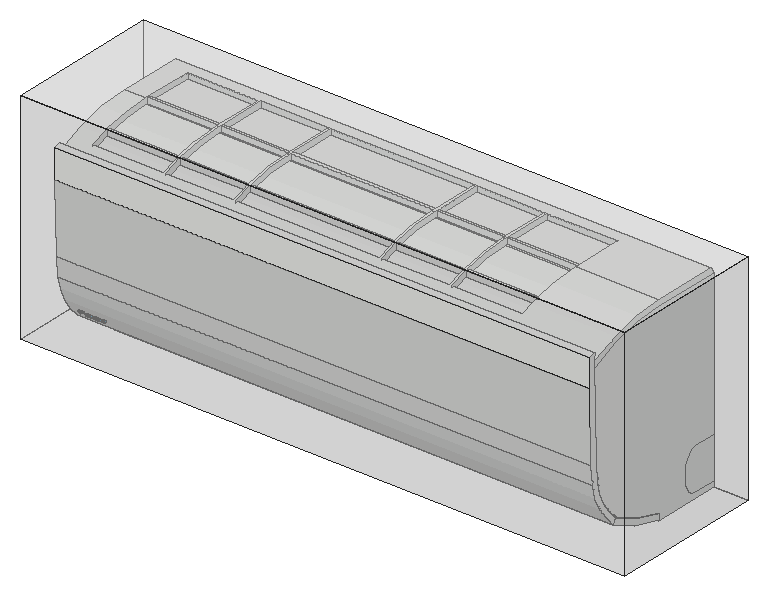
Revit family "outputfile", category 機械設備, Revit 2024
Family settings
  丸型コネクタ寸法 = 半径を使用
  パーツ タイプ = 標準
  OmniClass 番号 = 23.75.10.24.21.27.27
  OmniClass タイトル = Split System Air Conditioning Units
  作業面ベース = いいえ
  常に垂直 = はい
  ロード時にボイドで切り取り = いいえ
  注釈の向きを維持 = いいえ
  共有 = いいえ
  部屋計算ポイント = いいえ
Parameters (values of type "CTXM35RVMV")
  Description = ""
  書き出し IFC クラス(タイプ) = "IfcUnitaryEquipmentType"
  定義済み IFC タイプ(タイプ) = "AIRCONDITIONINGUNIT"
  Cost = 0
  Type Comments = ""
  Keynote = ""
  Type Image = (empty or 0)
  Assembly Code = ""
  w_wall hole = if(Width = 770.0 mm, 48.0 mm, 60.0 mm)  # 48.0 mm
  製造元 = "Daikin"
  モデル = "CTXM35RVMV"
  switch_frequency = yes
  r_Liquid Pipe Size = Liquid Pipe Size / 2  # 3.2 mm
  r_Gas Pipe Size = Gas Pipe Size / 2  # 4.75 mm
  r_Drain Pipe Size = Drain Pipe Size / 2  # 8.0 mm
  lw_powersupply [instance] = if(Width = 770.0 mm, if(or(Rear Right Connection_refrigerant, Bottom Right Connection_refrigerant), 25.0 mm, if(or(Rear Left Connection_refrigerant, Bottom Left Connection_refrigerant), 745.0 mm, 400.0 mm)), if(Width = 990.0 mm, if(or(Rear Right Connection_refrigerant, Bottom Right Connection_refrigerant), 40.0 mm, if(or(Rear Left Connection_refrigerant, Bottom Left Connection_refrigerant), 920.0 mm, 400.0 mm)), if(or(Rear Right Connection_refrigerant, Bottom Right Connection_refrigerant), 40.0 mm, if(or(Rear Left Connection_refrigerant, Bottom Left Connection_refrigerant), 920.0 mm, 400.0 mm))))  # 400.0 mm
  lw_liquidpipe [instance] = if(Width = 770.0 mm, if(or(Rear Right Connection_refrigerant, Bottom Right Connection_refrigerant), 0.0 mm, if(or(Rear Left Connection_refrigerant, Bottom Left Connection_refrigerant), 664.0 mm, 385.0 mm)), if(Width = 990.0 mm, if(or(Rear Right Connection_refrigerant, Bottom Right Connection_refrigerant), 0.0 mm, if(or(Rear Left Connection_refrigerant, Bottom Left Connection_refrigerant), 664.0 mm + (990.0 mm - 770.0 mm), 475.0 mm)), if(or(Rear Right Connection_refrigerant, Bottom Right Connection_refrigerant), 0.0 mm, if(or(Rear Left Connection_refrigerant, Bottom Left Connection_refrigerant), 664.0 mm + (990.0 mm - 770.0 mm), 475.0 mm))))  # 385.0 mm
  lw_gaspipe [instance] = if(Width = 770.0 mm, if(or(Rear Right Connection_refrigerant, Bottom Right Connection_refrigerant), 0.0 mm, if(or(Rear Left Connection_refrigerant, Bottom Left Connection_refrigerant), 675.0 mm, if(Gas Pipe Size = 12.7 mm, 345.0 mm, 335.0 mm))), if(Width = 990.0 mm, if(or(Rear Right Connection_refrigerant, Bottom Right Connection_refrigerant), 10.0 mm, if(or(Rear Left Connection_refrigerant, Bottom Left Connection_refrigerant), 890.0 mm, if(Gas Pipe Size = 15.9 mm, 410.0 mm, 400.0 mm))), if(or(Rear Right Connection_refrigerant, Bottom Right Connection_refrigerant), 10.0 mm, if(or(Rear Left Connection_refrigerant, Bottom Left Connection_refrigerant), 890.0 mm, if(Gas Pipe Size = 15.9 mm, 410.0 mm, 400.0 mm)))))  # 335.0 mm
  lw_drainpipe [instance] = if(Width = 770.0 mm, if(or(Rear Right Connection_refrigerant, Bottom Right Connection_refrigerant), 0.0 mm, if(or(Rear Left Connection_refrigerant, Bottom Left Connection_refrigerant), 770.0 mm - 48.0 mm - 48.0 mm, 440.0 mm)), if(Width = 990.0 mm, if(or(Rear Right Connection_refrigerant, Bottom Right Connection_refrigerant), 0.0 mm, if(or(Rear Left Connection_refrigerant, Bottom Left Connection_refrigerant), 675.0 mm + (990.0 mm - 770.0 mm), 435.0 mm)), if(or(Rear Right Connection_refrigerant, Bottom Right Connection_refrigerant), 0.0 mm, if(or(Rear Left Connection_refrigerant, Bottom Left Connection_refrigerant), 675.0 mm + (990.0 mm - 770.0 mm), 435.0 mm))))  # 440.0 mm
  l_powersupply_length [instance] = if(Width = 770.0 mm, if(Right Connection_refrigerant, 400.0 mm, if(Left Connection_refrigerant, 770.0 mm - 400.0 mm, if(or(Rear Left Connection_refrigerant, Rear Right Connection_refrigerant), 15.0 mm, 50.0 mm))), if(Width = 990.0 mm, if(Right Connection_refrigerant, 400.0 mm, if(Left Connection_refrigerant, 990.0 mm - 400.0 mm, if(or(Rear Left Connection_refrigerant, Rear Right Connection_refrigerant), 15.0 mm, 50.0 mm))), if(Right Connection_refrigerant, 400.0 mm, if(Left Connection_refrigerant, 990.0 mm - 400.0 mm, if(or(Rear Left Connection_refrigerant, Rear Right Connection_refrigerant), 15.0 mm, 50.0 mm)))))  # 400.0 mm
  l_liquidpipe_length [instance] = if(Width = 770.0 mm, if(Right Connection_refrigerant, 433.0 mm, if(Left Connection_refrigerant, 337.0 mm, if(or(Rear Left Connection_refrigerant, Rear Right Connection_refrigerant), 30.0 mm, 40.0 mm))), if(Width = 990.0 mm, if(Right Connection_refrigerant, 535.0 mm, if(Left Connection_refrigerant, 455.0 mm, if(or(Rear Left Connection_refrigerant, Rear Right Connection_refrigerant), 30.0 mm, 40.0 mm))), if(Right Connection_refrigerant, 535.0 mm, if(Left Connection_refrigerant, 455.0 mm, if(or(Rear Left Connection_refrigerant, Rear Right Connection_refrigerant), 30.0 mm, 40.0 mm)))))  # 433.0 mm
  l_gaspipe_length [instance] = if(Width = 770.0 mm, if(Right Connection_refrigerant, if(Gas Pipe Size = 12.7 mm, 393.0 mm, 383.0 mm), if(Left Connection_refrigerant, if(Gas Pipe Size = 12.7 mm, 770.0 mm - 393.0 mm, 770.0 mm - 383.0 mm), if(or(Rear Left Connection_refrigerant, Rear Right Connection_refrigerant), 40.0 mm, 50.0 mm))), if(Width = 990.0 mm, if(Right Connection_refrigerant, if(Gas Pipe Size = 15.9 mm, 470.0 mm, 460.0 mm), if(Left Connection_refrigerant, if(Gas Pipe Size = 15.9 mm, 990.0 mm - 470.0 mm, 990.0 mm - 460.0 mm), if(or(Rear Left Connection_refrigerant, Rear Right Connection_refrigerant), 40.0 mm, 50.0 mm))), if(Right Connection_refrigerant, if(Gas Pipe Size = 15.9 mm, 470.0 mm, 460.0 mm), if(Left Connection_refrigerant, if(Gas Pipe Size = 15.9 mm, 990.0 mm - 470.0 mm, 990.0 mm - 460.0 mm), if(or(Rear Left Connection_refrigerant, Rear Right Connection_refrigerant), 40.0 mm, 50.0 mm)))))  # 383.0 mm
  l_drainpipe_length [instance] = if(Width = 770.0 mm, if(Right Connection_refrigerant, 488.0 mm, if(Left Connection_refrigerant, 282.0 mm, if(or(Rear Left Connection_refrigerant, Rear Right Connection_refrigerant), 15.0 mm, 20.0 mm))), if(Width = 990.0 mm, if(Right Connection_refrigerant, 495.0 mm, if(Left Connection_refrigerant, 495.0 mm, if(or(Rear Left Connection_refrigerant, Rear Right Connection_refrigerant), 15.0 mm, 20.0 mm))), if(Right Connection_refrigerant, 495.0 mm, if(Left Connection_refrigerant, 495.0 mm, if(or(Rear Left Connection_refrigerant, Rear Right Connection_refrigerant), 15.0 mm, 20.0 mm)))))  # 488.0 mm
  h*** = 0.0 mm  # constant formula
  connector_voltage = Voltage_50Hz  # 230 V
  connector_powerinput = if([Power Input (Cooling)] > [Power Input (Heating)], [Power Input (Cooling)], [Power Input (Heating)])  # 0.000 kW
  connector_phase = Phase_50Hz  # 1
  angle_vertical [instance] = if(or(Bottom Left Connection_refrigerant, Bottom Right Connection_refrigerant), 0.00°, 90.00°)  # 90.00°
  angle_horizontal [instance] = if(Right Connection_refrigerant, 90.00°, if(Left Connection_refrigerant, -90.00°, if(or(Rear Left Connection_refrigerant, Rear Right Connection_refrigerant), 180.00°, 0.00°)))  # 90.00°
  Width = 770.0 mm
  Voltage_comment_50Hz = "220 - 240"
  Voltage_50Hz = 230 V
  Version = "ver.1.0"
  Unit Type = "Wall Mounted"
  Unit Mass Weight = 9.00 kg
  Unit Designation [instance] = ""
  Uniclass2015Version = "Products v1.30"
  Uniclass2015Title = "Split coil room air conditioning units"
  Uniclass2015Code = "Pr_70_65_03_86"
  URL = ""
  Total Heating Capacity [instance] = 0.000 kW
  Total Cooling Capacity [instance] = 0.000 kW
  Sound Pressure Level_M speed (dBA) = 34
  Sound Pressure Level_L speed (dBA) = 26
  Sound Pressure Level_H speed (dBA) = 42
  Sound Power Level_H speed (dB) = 0
  Series = "Multi Split_Fan Coil Unit"
  Sensible Cooling Capacity [instance] = 0.000 kW
  Refrigerant Type = "R32"
  Power Input (Heating) = 0.000 kW
  Power Input (Cooling) = 0.000 kW
  Phase_50Hz = 1
  Option Accessory 3 [instance] = ""
  Option Accessory 2 [instance] = ""
  Option Accessory 1 [instance] = ""
  Nominal Heating Capacity = 4.300 kW
  Nominal Cooling Capacity = 3.500 kW
  Minimum Circuit Amps_50Hz = 0.0 A
  Minimum Airflow = 354.00 m³/h
  Median Airflow = 474.00 m³/h
  Maximum Fuse Amps_50Hz = 0.0 A
  Maximum Airflow = 678.00 m³/h
  Material_Casing = DAIKIN_White_Casing_indoorunit
  Load Classification = HVAC
  Liquid Pipe Size = 6.4 mm
  Link_Nested Family [instance] = ""
  IfcVersion = ""
  IfcExportType = "AIRCONDITIONINGUNIT"
  IfcExportAs = "IfcUnitaryEquipmentType"
  Height = 285.0 mm
  Heating Entering Wet Bulb Temperature [instance] = 0.00 °C
  Heating Entering Dry Bulb Temperature [instance] = 0.00 °C
  Heating Ambient Wet Bulb Temperature [instance] = 0.00 °C
  Heating Ambient Dry Bulb Temperature [instance] = 0.00 °C
  Heat Exchanger Type = "Cross Fin Coil"
  Gas Pipe Size = 9.5 mm
  Frequency_50Hz = 50 Hz
  Fan Type = "Cross Flow Fan"
  Fan Drive = "Direct Drive"
  FCU Tag No. [instance] = ""
  Drain Pipe Size = 16.0 mm
  Design Supply Airflow [instance] = 0.00 m³/h
  Depth = 223.0 mm
  既定の高さ = 0.0 mm
  Cooling Entering Wet Bulb Temperature [instance] = 0.00 °C
  Cooling Entering Dry Bulb Temperature [instance] = 0.00 °C
  Cooling Ambient Wet Bulb Temperature [instance] = 0.00 °C
  Cooling Ambient Dry Bulb Temperature [instance] = 0.00 °C
  Clearance visibility [instance] = yes
  Clearance Top = 30.0 mm
  Clearance Right = 50.0 mm
  Clearance Rear = 0.0 mm
  Clearance Left = 50.0 mm
  Clearance Front = 0.0 mm
  Clearance Bottom = 0.0 mm
  Bottom Right Connection_refrigerant [instance] = no
  Bottom Left Connection_refrigerant [instance] = no
  Rear Right Connection_refrigerant [instance] = no
  Rear Left Connection_refrigerant [instance] = no
  Right Connection_refrigerant [instance] = yes
  Left Connection_refrigerant [instance] = no
Reference planes
  plane 1 "Back": y = 0
  plane 2: z = 0
  plane 3 "Center (Left/Right)": x = 0
  plane 4 "Center (Front/Back)": y = -111.5
  plane 5 "Front": y = -223
  plane 6 "Left": x = -385
  plane 7 "Right": x = 385
  plane 8 "Top": z = 0
  plane 9 "Bottom": z = -285
  plane 10: x = -435
  plane 11: x = 435
  plane 12: y = 0
  plane 13: y = -223
  plane 14: z = 30
  plane 15: z = -285
  plane 16 "lw_Piping and Wiring intake": x = 337
  plane 17 "lw_gaspipe": x = 2
  plane 18 "lw_liquidpipe": x = -48
  plane 19 "lw_drainpipe": x = -103
  plane 20 "lh_drainpipe": z = -265
  plane 21 "lh_liquidpipe": z = -245
  plane 22 "lh_gaspipe": z = -235
  plane 23 "ld_drainpipe": y = -15
  plane 24 "ld_liquidpipe": y = -30
  plane 25 "ld_gaspipe": y = -40
  plane 26 "lw_powersupply": x = -15
Dimensions and locks
  equal spacing: plane 6 "Left", plane 3 "Center (Left/Right)", plane 7 "Right"
  "Width": plane 6 "Left" to plane 7 "Right"
  equal spacing: plane 5 "Front", plane 4 "Center (Front/Back)", plane 1 "Back"
  "Depth": plane 5 "Front" to plane 1 "Back"
  "Height": plane 8 "Top" to plane 9 "Bottom"
  "Clearance Rear": plane 12 to plane 1 "Back"
  "Clearance Front": plane 13 to plane 5 "Front"
  "Clearance Top": plane 14 to plane 8 "Top"
  "Clearance Bottom": plane 9 "Bottom" to plane 15
  "w_wall hole": plane 16 "lw_Piping and Wiring intake" to plane 7 "Right"
  "lw_gaspipe": plane 17 "lw_gaspipe" to plane 16 "lw_Piping and Wiring intake"
  "lw_liquidpipe": plane 18 "lw_liquidpipe" to plane 16 "lw_Piping and Wiring intake"
  "lw_drainpipe": plane 19 "lw_drainpipe" to plane 16 "lw_Piping and Wiring intake"
  locked: plane 20 "lh_drainpipe" to plane 9 "Bottom" at 20
  locked: plane 21 "lh_liquidpipe" to plane 9 "Bottom" at 40
  locked: plane 22 "lh_gaspipe" to plane 9 "Bottom" at 50
  locked: plane 23 "ld_drainpipe" to plane 1 "Back" at 15
  locked: plane 1 "Back" to plane 24 "ld_liquidpipe" at 30
  locked: plane 1 "Back" to plane 25 "ld_gaspipe" at 40
  "lw_powersupply": plane 26 "lw_powersupply" to plane 7 "Right"
  "Clearance Left": plane 10 to plane 6 "Left"
  "Clearance Right": plane 7 "Right" to plane 11
  aligned and locked: level to plane 2
  aligned and locked: plane 12 to nested 1
  aligned and locked: nested 1 to plane 13
  aligned and locked: plane 10 to nested 1
  aligned and locked: plane 11 to nested 1
  aligned and locked: plane 15 to nested 1
  aligned and locked: plane 14 to nested 1
  aligned and locked: plane 17 "lw_gaspipe" to nested 2
  aligned and locked: nested 2 to plane 25 "ld_gaspipe"
  aligned and locked: plane 18 "lw_liquidpipe" to nested 3
  aligned and locked: nested 3 to plane 24 "ld_liquidpipe"
  aligned and locked: plane 19 "lw_drainpipe" to nested 4
  aligned and locked: nested 4 to plane 23 "ld_drainpipe"
  aligned and locked: nested 5 to plane 23 "ld_drainpipe"
  aligned and locked: plane 26 "lw_powersupply" to nested 5
  aligned and locked: level to plane 8 "Top"
  aligned and locked: plane 3 "Center (Left/Right)" to nested 6
  aligned and locked: plane 1 "Back" to nested 6
  aligned and locked: plane 8 "Top" to nested 6
Nested families
  nested 1: "daikin_clearancespace" at (0, -111.5, -127.381), show <- "Clearance visibility", visible <- "Clearance visibility", Link_Nested Family <- "Link_Nested Family", type "daikin_clearancespace"
    with width 870.0 mm, show yes, height 315.0 mm, depth 223.0 mm, Link_Nested Family ""
  nested 2: "daikin_connector_rotate3" at (2, -40, -235), angle_vertical <- "angle_vertical", angle_horizontal <- "angle_horizontal", length <- "l_gaspipe_length", radius <- "r_Gas Pipe Size", type "daikin_connector_rotate3"
    with show no, radius 4.75 mm, length 383.0 mm, angle_vertical 90.00°, angle_horizontal 90.00°
  nested 3: "daikin_connector_rotate3" at (-48, -30, -245), angle_vertical <- "angle_vertical", angle_horizontal <- "angle_horizontal", radius <- "r_Liquid Pipe Size", length <- "l_liquidpipe_length", type "daikin_connector_rotate3"
    with show no, radius 3.2 mm, length 433.0 mm, angle_vertical 90.00°, angle_horizontal 90.00°
  nested 4: "daikin_connector_rotate3" at (-103, -15, -265), angle_vertical <- "angle_vertical", angle_horizontal <- "angle_horizontal", length <- "l_drainpipe_length", radius <- "r_Drain Pipe Size", type "daikin_connector_rotate3"
    with show no, radius 8.0 mm, length 488.0 mm, angle_vertical 90.00°, angle_horizontal 90.00°
  nested 5: "daikin_connector_rotate3" at (-15, -15, -235), angle_vertical <- "angle_vertical", angle_horizontal <- "angle_horizontal", length <- "l_powersupply_length", type "daikin_connector_rotate3"
    with show no, radius 10.0 mm, length 400.0 mm, angle_vertical 90.00°, angle_horizontal 90.00°
  nested 6: "DAIKIN_indoorunit_CTXM-RVMV" at (-31, 0, 0), type "CTXM-RVMV"
Connectors
  piping at (385, -40, -235), diameter 9.5, driven by "r_Gas Pipe Size"
    settings: on nested 2, index 1, connector inside diameter 609.6 mm, connector length 0.0 mm, flow factor 0, pipe flow 0.00 m³/h, pressure drop 0.0 Pa, fitting loss kfactor 0, connector angle 0.00°, fixture units 0, engagement length 0.0 mm, angle of deflection 0.00°, flow configuration 1, flow direction 2, fitting loss method 0, system type 29, joint type 0, gender type 0, connector reference index -1, connector utility 0, adjustable connector no, is connector primary yes, connector description "Refrigerant Gas Piping"
  piping at (385, -30, -245), diameter 6.4, driven by "r_Liquid Pipe Size"
    settings: on nested 3, index 2, connector inside diameter 609.6 mm, connector length 0.0 mm, flow factor 0, pipe flow 0.00 m³/h, pressure drop 0.0 Pa, fitting loss kfactor 0, connector angle 0.00°, fixture units 0, engagement length 0.0 mm, angle of deflection 0.00°, flow configuration 1, flow direction 1, fitting loss method 0, system type 29, joint type 0, gender type 0, connector reference index -1, connector utility 0, adjustable connector no, is connector primary no, connector description "Refrigerant Liquid Piping"
  piping at (385, -15, -265), diameter 16, driven by "r_Drain Pipe Size"
    settings: on nested 4, index 3, connector inside diameter 609.6 mm, connector length 0.0 mm, flow factor 0, pipe flow 0.00 m³/h, pressure drop 0.0 Pa, fitting loss kfactor 0, connector angle 0.00°, fixture units 0, engagement length 0.0 mm, angle of deflection 0.00°, flow configuration 1, flow direction 2, fitting loss method 4, system type 16, joint type 0, gender type 0, connector reference index -1, connector utility 0, adjustable connector no, is connector primary no, connector description "Condensate Drain Piping"
  electrical at (385, -15, -235), driven by "Load Classification", driven by "connector_voltage", driven by "connector_powerinput", driven by "connector_phase"
    settings: on nested 5, index 4, voltage 230 V, apparent load 0 VA, apparent load phase1 0 VA, apparent load phase2 0 VA, apparent load phase3 0 VA, power factor 1, load classification "HVAC", number of poles 1, system type 30, power factor state 1, is connector primary yes, connector utility no, sub classification motor no, connector description "Power Supply"
Definition of nested family "daikin_clearancespace"
  Parameters (values of type "daikin_clearancespace")
    Description = "daikin_clearancespace"
    width [instance] = 1823.963 mm
    show [instance] = yes
    material = none
    height [instance] = 1359.762 mm
    depth [instance] = 880.0 mm
    Default Elevation = 0.0 mm
    Link_Nested Family [instance] = ""
  Reference planes
    plane 1 "Center (Front/Back)": y = 0
    plane 2 "Center (Elevation)": z = -0.119
    plane 3 "Center (Left/Right)": x = 0
    plane 4: y = 440
    plane 5: y = -440
    plane 6 "Right": x = 911.982
    plane 7 "Left": x = -911.982
    plane 8 "Top": z = 679.762
    plane 9 "Bottom": z = -680
  Forms (mm)
    Extrusion 1, solid, material <- "material", visible <- "show"
      sketch origin (0, 0, 0) x (1, 0, 0) y (0, 1, 0)
        loop
          line (-911.982, 440) -> (-911.982, -440) -> (911.982, -440) -> (911.982, 440) -> (-911.982, 440)
      from -680 to 679.762
  Lines and regions (mm)
    symbolic lines, visible <- "show"
      curve 1: line (911.982, 440, 0) -> (-911.982, 440, 0)
      curve 2: line (-911.982, 440, 0) -> (-911.982, -440, 0)
      curve 3: line (-911.982, -440, 0) -> (911.982, -440, 0)
      curve 4: line (911.982, -440, 0) -> (911.982, 440, 0)
      curve 5: line (911.982, 0, 679.762) -> (-911.982, 0, 679.762)
      curve 6: line (911.982, 0, -680) -> (911.982, 0, 679.762)
      curve 7: line (-911.982, 0, -680) -> (911.982, 0, -680)
      curve 8: line (-911.982, 0, 679.762) -> (-911.982, 0, -680)
      curve 9: line (0, 440, 679.762) -> (0, -440, 679.762)
      curve 10: line (0, -440, 679.762) -> (0, -440, -680)
      curve 11: line (0, 440, -680) -> (0, 440, 679.762)
      curve 12: line (0, -440, -680) -> (0, 440, -680)
  Dimensions and locks
    "width": plane 7 "Left" to plane 6 "Right"
    "depth": plane 4 to plane 5
    "height": plane 8 "Top" to plane 9 "Bottom"
    equal spacing: plane 7 "Left", plane 3 "Center (Left/Right)", plane 6 "Right"
    equal spacing: plane 4, plane 1 "Center (Front/Back)", plane 5
    equal spacing: plane 8 "Top", plane 2 "Center (Elevation)", plane 9 "Bottom"
    aligned and locked: level to plane 2 "Center (Elevation)"
    aligned and locked: Extrusion 1 sketch curve to plane 4
    aligned and locked: plane 7 "Left" to Extrusion 1 sketch curve
    aligned and locked: Extrusion 1 sketch curve to plane 5
    aligned and locked: Extrusion 1 sketch curve to plane 6 "Right"
    aligned and locked: plane 8 "Top" to Extrusion 1
    aligned and locked: curve 1 to Extrusion 1
    aligned and locked: curve 2 to Extrusion 1
    aligned and locked: curve 3 to Extrusion 1
    aligned and locked: curve 4 to Extrusion 1
    aligned and locked: curve 5 to Extrusion 1
    aligned and locked: curve 6 to Extrusion 1
    aligned and locked: curve 7 to Extrusion 1
    aligned and locked: curve 8 to Extrusion 1
    aligned and locked: curve 9 to Extrusion 1
    aligned and locked: curve 10 to Extrusion 1
    aligned and locked: curve 11 to Extrusion 1
    aligned and locked: curve 12 to Extrusion 1
    aligned and locked: Extrusion 1 to plane 9 "Bottom"
Definition of nested family "DAIKIN_indoorunit_CTXM-RVMV"
  Parameters (values of type "CTKM-RVMV")
    switch_unit1_50-71 = Width = 990.0 mm  # no
    switch_unit1_25-35 = Width = 770.0 mm  # yes
    Width = 770.0 mm
    WALL HOLE-R = if(Width = 770.0 mm, 48.0 mm, 60.0 mm)  # 48.0 mm
    WALL HOLE Size = if(Width = 770.0 mm, 65.0 mm, 80.0 mm)  # 65.0 mm
    Material_Casing = none
    Height = if(Width = 770.0 mm, 285.0 mm, 295.0 mm)  # 285.0 mm
    Default Elevation = 0.0 mm
  Reference planes
    plane 1 "Center (Front/Back)": y = 0
    plane 2 "reference_level": z = 0
    plane 3 "Center (Left/Right)": x = 31
    plane 4: x = -354
    plane 5: x = 416
    plane 6: z = -285
  Forms (mm)
    Extrusion 1, solid, material <- "Material_Casing", visible <- "switch_unit1_25-35"
      sketch origin (29, 0, 0) x (0, 1, 0) y (0, 0, 1)
        loop
          line (-5, 0) -> (-98, 0)
          arc (-98, 0) -> (-157.611, -7.211) -> (-213.783, -28.427) r 250
          arc (-213.783, -28.427) -> (-213.842, -32.972) -> (-213.892, -37.516) r 2191
          arc (-213.892, -37.516) -> (-157.832, -15.495) -> (-98.07, -8) r 242
          line (-98.07, -8) -> (0, -8) -> (-5, 0)
      from -383 to 387
    Extrusion 2, solid, material <- "Material_Casing", visible <- "switch_unit1_25-35"
      sketch origin (416, 1296.25, 1200) x (0, 1, 0) y (0, 0, 1)
        loop
          line (-1472.998, -1446.91) -> (-1476.998, -1453.839)
          arc (-1476.998, -1453.839) -> (-1437.481, -1472.422) -> (-1395.25, -1483.538) r 240
          line (-1395.25, -1483.538) -> (-1395.25, -1475.422)
          arc (-1395.25, -1475.422) -> (-1435.407, -1464.663) -> (-1472.998, -1446.91) r 232
      from 0 to -47.5
    Extrusion 3, solid, material <- "Material_Casing", visible <- "switch_unit1_25-35"
      sketch origin (29, 0, 0) x (0, 1, 0) y (0, 0, 1)
        loop
          arc (-223, -60.455) -> (-222.414, -110.646) -> (-220.656, -160.81) r 2149.92
          arc (-220.656, -160.81) -> (-219.65, -174.299) -> (-217.853, -187.706) r 229.911
          arc (-217.853, -187.706) -> (-205.371, -223.594) -> (-181.517, -253.17) r 111
          line (-181.517, -253.17) -> (-177.429, -246.093)
          arc (-177.429, -246.093) -> (-198.77, -218.989) -> (-209.965, -186.36) r 103
          arc (-209.965, -186.36) -> (-211.681, -173.586) -> (-212.651, -160.735) r 221.844
          arc (-212.651, -160.735) -> (-214.739, -93.233) -> (-214.74, -25.699) r 2186.828
          arc (-214.74, -25.699) -> (-214.671, -21.467) -> (-214.594, -17.235) r 2192
          line (-214.594, -17.235) -> (-223, -19.961) -> (-223, -60.455)
      from -383 to 387
    Extrusion 4, solid, material <- "Material_Casing", visible <- "switch_unit1_25-35"
      sketch origin (29, 0, -20) x (0, 1, 0) y (0, 0, 1)
        loop
          line (0, -265) -> (0, 12) -> (-98.07, 12)
          arc (-98.07, 12) -> (-157.832, 4.505) -> (-213.892, -17.516) r 242
          arc (-213.892, -17.516) -> (-213.638, -79.114) -> (-211.653, -140.681) r 2191
          arc (-211.653, -140.681) -> (-210.685, -153.501) -> (-208.973, -166.243) r 221
          arc (-208.973, -166.243) -> (-197.471, -199.282) -> (-175.482, -226.491) r 102
          arc (-175.482, -226.491) -> (-138.004, -244.019) -> (-98, -254.579) r 231
          line (-98, -254.579) -> (-98, -265) -> (0, -265)
      from -383 to 387
    Extrusion 5, solid, material <- "Material_Casing", visible <- "switch_unit1_25-35"
      sketch origin (-354, 1296.25, 1200) x (0, 1, 0) y (0, 0, 1)
        loop
          line (-1472.998, -1446.91) -> (-1476.998, -1453.839)
          arc (-1476.998, -1453.839) -> (-1437.481, -1472.422) -> (-1395.25, -1483.538) r 240
          line (-1395.25, -1483.538) -> (-1395.25, -1475.422)
          arc (-1395.25, -1475.422) -> (-1435.407, -1464.663) -> (-1472.998, -1446.91) r 232
      from 47 to 0
    Extrusion 6, solid, material <- "Material_Casing", visible <- "switch_unit1_25-35"
      sketch origin (416, 1296.25, 1200) x (0, 1, 0) y (0, 0, 1)
        loop
          line (-1472.998, -1446.91) -> (-1476.998, -1453.839)
          arc (-1476.998, -1453.839) -> (-1443.437, -1470.168) -> (-1407.75, -1481.097) r 240
          line (-1407.75, -1481.097) -> (-1407.75, -1472.894)
          arc (-1407.75, -1472.894) -> (-1441.363, -1462.385) -> (-1472.998, -1446.91) r 232
      from -116.993 to -48.493
    Extrusion 7, solid, material <- "Material_Casing", visible <- "switch_unit1_25-35"
      sketch origin (416, 1296.25, 1200) x (0, 1, 0) y (0, 0, 1)
        loop
          line (-1472.998, -1446.91) -> (-1476.998, -1453.839)
          arc (-1476.998, -1453.839) -> (-1443.437, -1470.168) -> (-1407.75, -1481.097) r 240
          line (-1407.75, -1481.097) -> (-1407.75, -1472.894)
          arc (-1407.75, -1472.894) -> (-1441.363, -1462.385) -> (-1472.998, -1446.91) r 232
      from -717 to -121.993
    Extrusion 8, void
      sketch origin (31, 0, -235) x (1, 0, 0) y (0, 1, 0)
        loop
          line (-252.674, -22.316) -> (-354.941, -22.316) -> (-354.941, -91.341) -> (-252.674, -91.341) -> (-252.674, -22.316)
        loop
          line (-249.341, -91.341) -> (-151.574, -91.341) -> (-151.574, -22.316) -> (-249.341, -22.316) -> (-249.341, -91.341)
        loop
          line (58.309, -22.316) -> (-148.309, -22.316) -> (-148.309, -91.341) -> (58.309, -91.341) -> (58.309, -22.316)
        loop
          line (61.689, -22.316) -> (61.689, -91.341) -> (159.457, -91.341) -> (159.457, -22.316) -> (61.689, -22.316)
        loop
          line (162.789, -22.316) -> (162.789, -91.341) -> (265.057, -91.341) -> (265.057, -22.316) -> (162.789, -22.316)
        loop
          line (-354.941, -94.659) -> (-354.941, -165.259) -> (-252.674, -165.259) -> (-252.674, -94.659) -> (-354.941, -94.659)
        loop
          line (-249.341, -94.659) -> (-249.341, -165.259) -> (-151.574, -165.259) -> (-151.574, -94.659) -> (-249.341, -94.659)
        loop
          line (-148.309, -94.659) -> (-148.309, -165.259) -> (58.309, -165.259) -> (58.309, -94.659) -> (-148.309, -94.659)
        loop
          line (61.689, -94.659) -> (61.689, -165.259) -> (159.457, -165.259) -> (159.457, -94.659) -> (61.689, -94.659)
        loop
          line (162.789, -94.659) -> (162.789, -165.259) -> (265.057, -165.259) -> (265.057, -94.659) -> (162.789, -94.659)
        loop
          line (-354.941, -167.382) -> (-354.941, -192.681) -> (-252.674, -192.681) -> (-252.674, -167.382) -> (-354.941, -167.382)
        loop
          line (-249.341, -167.382) -> (-249.341, -192.681) -> (-151.574, -192.681) -> (-151.574, -167.382) -> (-249.341, -167.382)
        loop
          line (-148.309, -167.382) -> (-148.309, -192.681) -> (58.309, -192.681) -> (58.309, -167.382) -> (-148.309, -167.382)
        loop
          line (159.457, -167.382) -> (61.689, -167.382) -> (61.689, -192.681) -> (159.457, -192.681) -> (159.457, -167.382)
        loop
          line (265.057, -167.382) -> (162.789, -167.382) -> (162.789, -192.681) -> (265.057, -192.681) -> (265.057, -167.382)
      from 201.638 to 250
    Extrusion 9, solid, material <- "Material_Casing"
      sketch origin (31, 0, 0) x (1, 0, 0) y (0, 0, 1)
        loop
          circle (337, -240.5) r 32.5
        loop
          circle (-337, -240.5) r 32.5
      from 0 to 5
    Extrusion 10, solid, material <- "Material_Casing", visible <- "switch_unit1_25-35"
      sketch origin (416, 1296.25, 1200) x (0, -1, 0) y (0, 0, 1)
        loop
          line (1326.25, -1417) -> (1296.25, -1417) -> (1296.25, -1477) -> (1326.25, -1477)
          arc (1326.25, -1477) -> (1340.393, -1471.142) -> (1346.25, -1457) r 20
          line (1346.25, -1457) -> (1346.25, -1437)
          arc (1346.25, -1437) -> (1340.393, -1422.858) -> (1326.25, -1417) r 20
      from 0 to 5
    Extrusion 11, solid, material <- "Material_Casing", visible <- "switch_unit1_25-35"
      sketch origin (-354, 1296.25, 1200) x (0, 1, 0) y (0, 0, 1)
        loop
          line (-1296.25, -1417) -> (-1326.25, -1417)
          arc (-1326.25, -1417) -> (-1340.393, -1422.858) -> (-1346.25, -1437) r 20
          line (-1346.25, -1437) -> (-1346.25, -1457)
          arc (-1346.25, -1457) -> (-1340.393, -1471.142) -> (-1326.25, -1477) r 20
          line (-1326.25, -1477) -> (-1296.25, -1477) -> (-1296.25, -1417)
      from 0 to 5
    Extrusion 12, solid, material <- "Material_Casing", visible <- "switch_unit1_25-35"
      sketch origin (31, 0, -285) x (-1, 0, 0) y (0, -1, 0)
        loop
          line (-314, 0) -> (-314, 30)
          arc (-314, 30) -> (-319.858, 44.142) -> (-334, 50) r 20
          line (-334, 50) -> (-354, 50)
          arc (-354, 50) -> (-368.142, 44.142) -> (-374, 30) r 20
          line (-374, 30) -> (-374, 0) -> (-314, 0)
        loop
          line (374, 0) -> (374, 30)
          arc (374, 30) -> (368.142, 44.142) -> (354, 50) r 20
          line (354, 50) -> (334, 50)
          arc (334, 50) -> (319.858, 44.142) -> (314, 30) r 20
          line (314, 30) -> (314, 0) -> (374, 0)
      from 0 to 5
    Extrusion 13, solid, material <- "Material_Casing", visible <- "switch_unit1_50-71"
      sketch origin (31, 0, 0) x (0, 1, 0) y (0, 0, 1)
        loop
          line (-5, 0) -> (-138, 0)
          arc (-138, 0) -> (-197.611, -7.211) -> (-253.783, -28.427) r 250
          arc (-253.783, -28.427) -> (-253.838, -32.687) -> (-253.886, -36.946) r 2191
          arc (-253.886, -36.946) -> (-197.73, -15.346) -> (-138.014, -8) r 246.393
          line (-138.014, -8) -> (0, -8) -> (-5, 0)
      from -495 to 495
    Extrusion 14, solid, material <- "Material_Casing", visible <- "switch_unit1_50-71"
      sketch origin (418, 1296.25, 1200) x (0, 1, 0) y (0, 0, 1)
        loop
          arc (-1515.208, -1454.149) -> (-1506.856, -1460.599) -> (-1497.925, -1466.219) r 110
          arc (-1497.925, -1466.219) -> (-1445.718, -1487.493) -> (-1389.844, -1494.995) r 223
          line (-1389.844, -1494.995) -> (-1389.844, -1486.086) -> (-1404.386, -1486.086)
          arc (-1404.386, -1486.086) -> (-1449.542, -1477.46) -> (-1491.818, -1459.402) r 214.289
          arc (-1491.818, -1459.402) -> (-1501.056, -1453.541) -> (-1509.606, -1446.715) r 101
          line (-1509.606, -1446.715) -> (-1515.208, -1454.149)
      from 108 to 57.5
    Extrusion 15, solid, material <- "Material_Casing", visible <- "switch_unit1_50-71"
      sketch origin (31, 0, 0) x (0, 1, 0) y (0, 0, 1)
        loop
          line (-263, -19.962) -> (-263, -61.6)
          arc (-263, -61.6) -> (-262.414, -110.219) -> (-260.656, -158.81) r 2017.341
          arc (-260.656, -158.81) -> (-255.648, -191.935) -> (-244.041, -223.362) r 164.725
          arc (-244.041, -223.362) -> (-233.569, -239.793) -> (-219.717, -253.495) r 87.379
          line (-219.717, -253.495) -> (-214.706, -246.846)
          arc (-214.706, -246.846) -> (-229.564, -230.029) -> (-240.385, -210.371) r 102
          arc (-240.385, -210.371) -> (-249.049, -182.962) -> (-252.848, -154.467) r 165.789
          arc (-252.848, -154.467) -> (-254.771, -90.102) -> (-254.74, -25.708) r 2122.533
          arc (-254.74, -25.708) -> (-254.671, -21.469) -> (-254.594, -17.23) r 2192
          line (-254.594, -17.23) -> (-263, -19.962)
      from -495 to 495
    Extrusion 16, void
      sketch origin (33, 0, 0) x (1, 0, 0) y (0, 1, 0)
        loop
          line (-466.909, -22.316) -> (-466.909, -111.341) -> (-366.303, -111.341) -> (-366.303, -22.316) -> (-466.909, -22.316)
        loop
          line (-362.71, -22.316) -> (-362.71, -111.341) -> (-262.103, -111.341) -> (-262.103, -22.316) -> (-362.71, -22.316)
        loop
          line (-258.51, -22.316) -> (-258.51, -111.341) -> (-157.904, -111.341) -> (-157.904, -22.316) -> (-258.51, -22.316)
        loop
          line (-154.31, -22.316) -> (-154.31, -111.341) -> (-53.704, -111.341) -> (-53.704, -22.316) -> (-154.31, -22.316)
        loop
          line (-50.11, -22.316) -> (-50.11, -111.341) -> (50.496, -111.341) -> (50.496, -22.316) -> (-50.11, -22.316)
        loop
          line (54.089, -22.316) -> (54.089, -111.341) -> (154.696, -111.341) -> (154.696, -22.316) -> (54.089, -22.316)
        loop
          line (158.289, -22.316) -> (158.289, -111.341) -> (258.895, -111.341) -> (258.895, -22.316) -> (158.289, -22.316)
        loop
          line (262.489, -22.316) -> (262.489, -111.341) -> (363.095, -111.341) -> (363.095, -22.316) -> (262.489, -22.316)
        loop
          line (-466.909, -114.459) -> (-466.909, -185.059) -> (-366.303, -185.059) -> (-366.303, -114.459) -> (-466.909, -114.459)
        loop
          line (-362.71, -114.459) -> (-362.71, -185.059) -> (-262.103, -185.059) -> (-262.103, -114.459) -> (-362.71, -114.459)
        loop
          line (-258.51, -114.459) -> (-258.51, -185.059) -> (-157.904, -185.059) -> (-157.904, -114.459) -> (-258.51, -114.459)
        loop
          line (-154.31, -114.459) -> (-154.31, -185.059) -> (-53.704, -185.059) -> (-53.704, -114.459) -> (-154.31, -114.459)
        loop
          line (-50.11, -114.459) -> (-50.11, -185.059) -> (50.496, -185.059) -> (50.496, -114.459) -> (-50.11, -114.459)
        loop
          line (54.089, -114.459) -> (54.089, -185.059) -> (154.696, -185.059) -> (154.696, -114.459) -> (54.089, -114.459)
        loop
          line (158.289, -114.459) -> (158.289, -185.059) -> (258.895, -185.059) -> (258.895, -114.459) -> (158.289, -114.459)
        loop
          line (262.489, -114.459) -> (262.489, -185.059) -> (363.095, -185.059) -> (363.095, -114.459) -> (262.489, -114.459)
        loop
          line (-466.909, -187.382) -> (-466.909, -232.681) -> (-366.303, -232.681) -> (-366.303, -187.382) -> (-466.909, -187.382)
        loop
          line (-362.71, -187.382) -> (-362.71, -232.681) -> (-262.103, -232.681) -> (-262.103, -187.382) -> (-362.71, -187.382)
        loop
          line (-258.51, -187.382) -> (-258.51, -232.681) -> (-157.904, -232.681) -> (-157.904, -187.382) -> (-258.51, -187.382)
        loop
          line (-154.31, -187.382) -> (-154.31, -232.681) -> (-53.704, -232.681) -> (-53.704, -187.382) -> (-154.31, -187.382)
        loop
          line (-50.11, -187.382) -> (-50.11, -232.681) -> (50.496, -232.681) -> (50.496, -187.382) -> (-50.11, -187.382)
        loop
          line (54.089, -187.382) -> (54.089, -232.681) -> (154.696, -232.681) -> (154.696, -187.382) -> (54.089, -187.382)
        loop
          line (158.289, -187.382) -> (158.289, -232.681) -> (258.895, -232.681) -> (258.895, -187.382) -> (158.289, -187.382)
        loop
          line (262.489, -187.382) -> (262.489, -232.681) -> (363.095, -232.681) -> (363.095, -187.382) -> (262.489, -187.382)
      from -40.013 to 47.268
    Extrusion 17, solid, material <- "Material_Casing", visible <- "switch_unit1_50-71"
      sketch origin (-356, 1296.25, 1200) x (0, 1, 0) y (0, 0, -1)
        loop
          line (-1515.208, 1454.149) -> (-1509.606, 1446.715)
          arc (-1509.606, 1446.715) -> (-1501.056, 1453.541) -> (-1491.818, 1459.402) r 101
          arc (-1491.818, 1459.402) -> (-1449.542, 1477.46) -> (-1404.386, 1486.086) r 214.289
          line (-1404.386, 1486.086) -> (-1389.844, 1486.086) -> (-1389.844, 1494.995)
          arc (-1389.844, 1494.995) -> (-1445.718, 1487.493) -> (-1497.925, 1466.219) r 223
          arc (-1497.925, 1466.219) -> (-1506.856, 1460.599) -> (-1515.208, 1454.149) r 110
      from 108 to 61
    Extrusion 18, solid, material <- "Material_Casing", visible <- "switch_unit1_50-71"
      sketch origin (418, 1296.25, 1200) x (0, 1, 0) y (0, 0, 1)
        loop
          arc (-1515.208, -1454.149) -> (-1506.856, -1460.599) -> (-1497.925, -1466.219) r 110
          arc (-1497.925, -1466.219) -> (-1463.185, -1482.066) -> (-1426.25, -1491.755) r 223
          line (-1426.25, -1491.755) -> (-1426.25, -1483.166)
          arc (-1426.25, -1483.166) -> (-1460.008, -1473.969) -> (-1491.818, -1459.402) r 214.289
          arc (-1491.818, -1459.402) -> (-1501.056, -1453.541) -> (-1509.606, -1446.715) r 101
          line (-1509.606, -1446.715) -> (-1515.208, -1454.149)
      from 56.5 to -36.993
    Extrusion 19, solid, material <- "Material_Casing", visible <- "switch_unit1_50-71"
      sketch origin (418, 1296.25, 1200) x (0, 1, 0) y (0, 0, 1)
        loop
          arc (-1426.25, -1483.166) -> (-1443.442, -1479.224) -> (-1460.25, -1473.881) r 214.289
          line (-1460.25, -1473.881) -> (-1460.25, -1483.089)
          arc (-1460.25, -1483.089) -> (-1443.421, -1488.091) -> (-1426.25, -1491.755) r 223
          line (-1426.25, -1491.755) -> (-1426.25, -1483.166)
      from -43.493 to -828.893
    Extrusion 20, solid, material <- "Material_Casing", visible <- "switch_unit1_50-71"
      sketch origin (418, 1296.25, 1200) x (0, 1, 0) y (0, 0, 1)
        loop
          arc (-1515.208, -1454.149) -> (-1506.856, -1460.599) -> (-1497.925, -1466.219) r 110
          arc (-1497.925, -1466.219) -> (-1479.479, -1475.527) -> (-1460.25, -1483.089) r 223
          line (-1460.25, -1483.089) -> (-1460.25, -1473.881)
          arc (-1460.25, -1473.881) -> (-1476.328, -1467.282) -> (-1491.818, -1459.402) r 214.289
          arc (-1491.818, -1459.402) -> (-1501.056, -1453.541) -> (-1509.606, -1446.715) r 101
          line (-1509.606, -1446.715) -> (-1515.208, -1454.149)
      from -43.493 to -828.893
    Extrusion 21, solid, material <- "Material_Casing", visible <- "switch_unit1_50-71"
      sketch origin (31, 0, -30) x (0, 1, 0) y (0, 0, 1)
        loop
          line (0, 22) -> (-138.014, 22)
          arc (-138.014, 22) -> (-197.73, 14.654) -> (-253.886, -6.946) r 246.393
          arc (-253.886, -6.946) -> (-253.682, -65.635) -> (-251.855, -124.295) r 2120.935
          arc (-251.855, -124.295) -> (-248.086, -152.682) -> (-239.461, -179.988) r 164.789
          arc (-239.461, -179.988) -> (-228.903, -199.231) -> (-214.437, -215.738) r 101
          line (-214.437, -215.738) -> (-212.406, -216.221)
          arc (-212.406, -216.221) -> (-204.07, -222.837) -> (-195.079, -228.53) r 100
          arc (-195.079, -228.53) -> (-145.557, -248.629) -> (-92.593, -255.785) r 213.289
          line (-92.593, -255.785) -> (-92.593, -265) -> (0, -265) -> (0, 22)
      from -495 to 495
    Extrusion 22, solid, material <- "Material_Casing", visible <- "switch_unit1_50-71"
      sketch origin (526, 1296.25, 1200) x (0, -1, 0) y (0, 0, 1)
        loop
          line (1326.25, -1427.035) -> (1296.25, -1427.035) -> (1296.25, -1487.035) -> (1326.25, -1487.035)
          arc (1326.25, -1487.035) -> (1340.393, -1481.177) -> (1346.25, -1467.035) r 20
          line (1346.25, -1467.035) -> (1346.25, -1447.035)
          arc (1346.25, -1447.035) -> (1340.393, -1432.892) -> (1326.25, -1427.035) r 20
      from 0 to 5
    Extrusion 23, solid, material <- "Material_Casing", visible <- "switch_unit1_50-71"
      sketch origin (-459, 1296.25, 1200) x (0, -1, 0) y (0, 0, 1)
        loop
          line (1326.25, -1427.035) -> (1296.25, -1427.035) -> (1296.25, -1487.035) -> (1326.25, -1487.035)
          arc (1326.25, -1487.035) -> (1340.393, -1481.177) -> (1346.25, -1467.035) r 20
          line (1346.25, -1467.035) -> (1346.25, -1447.035)
          arc (1346.25, -1447.035) -> (1340.393, -1432.892) -> (1326.25, -1427.035) r 20
      from 0 to 5
    Extrusion 24, solid, material <- "Material_Casing", visible <- "switch_unit1_50-71"
      sketch origin (31, 200, -295) x (-1, 0, 0) y (0, -1, 0)
        loop
          line (469, 200) -> (469, 230)
          arc (469, 230) -> (463.142, 244.142) -> (449, 250) r 20
          line (449, 250) -> (429, 250)
          arc (429, 250) -> (414.858, 244.142) -> (409, 230) r 20
          line (409, 230) -> (409, 200) -> (469, 200)
        loop
          line (-469, 200) -> (-409, 200) -> (-409, 230)
          arc (-409, 230) -> (-414.858, 244.142) -> (-429, 250) r 20
          line (-429, 250) -> (-449, 250)
          arc (-449, 250) -> (-463.142, 244.142) -> (-469, 230) r 20
          line (-469, 230) -> (-469, 200)
      from 0 to 5
  Cuts and joins
    Extrusion 8 cuts Extrusion 1
    Extrusion 16 cuts Extrusion 13
  Lines and regions (mm)
    reference lines
      curve 1: line (-523, -201.911, -229.404) -> (-523, -193.542, -239.977)
      curve 2: line (-523, -240.779, -229.404) -> (-523, -232.411, -239.977)
  Dimensions and locks
    locked: Extrusion 10 sketch curve to Extrusion 10 sketch curve at 60
    locked: Extrusion 10 sketch curve to Extrusion 10 sketch curve at 50
    locked: Extrusion 12 sketch curve to Extrusion 12 sketch curve at 60  (x2)
    locked: Extrusion 12 sketch curve to Extrusion 12 sketch curve at 50
    equal spacing: plane 5, plane 3 "Center (Left/Right)", plane 4
    "Width": plane 5 to plane 4
    locked: Extrusion 9 sketch curve to plane 4 at 48
    "WALL HOLE-R": plane 5 to Extrusion 9 sketch curve
    "Height": plane 2 "reference_level" to plane 6
    locked: Extrusion 9 sketch curve to plane 6 at 44.5  (x2)
    locked: Extrusion 15 to nested 2 at 15
    locked: Extrusion 22 sketch curve to Extrusion 22 sketch curve at 60
    locked: Extrusion 22 sketch curve to Extrusion 22 sketch curve at 50
    locked: Extrusion 23 sketch curve to Extrusion 23 sketch curve at 60
    locked: Extrusion 23 sketch curve to Extrusion 23 sketch curve at 50
    locked: Extrusion 24 sketch curve to Extrusion 24 sketch curve at 60  (x2)
    locked: Extrusion 24 sketch curve to Extrusion 24 sketch curve at 50  (x2)
    "WALL HOLE Size": diameter of Extrusion 9 sketch curve  (x2)
    aligned and locked: level to plane 2 "reference_level"
    aligned and locked: nested 1 to curve 1
    aligned and locked: Extrusion 11 sketch curve to Extrusion 10  (x4)
    aligned and locked: Extrusion 12 sketch curve to Extrusion 12 sketch curve  (x2)
    aligned and locked: Extrusion 9 to plane 1 "Center (Front/Back)"
    aligned and locked: nested 2 to curve 2
  Automatic sketch dimensions
    curve 1 to level = 239.977 mm
    plane 1 "Center (Front/Back)" to curve 1 = 193.542 mm
    curve 2 to curve 1 = 0.0 mm
    curve 2 to curve 2 = 10.573 mm
    curve 1 to curve 1 = 10.573 mm
    curve 1 to curve 1 = 8.368 mm
    curve 1 to curve 2 = 30.5 mm
    curve 2 to curve 2 = 8.368 mm
    Extrusion 1 sketch curve to level = 0.0 mm
    Extrusion 1 sketch curve to plane 1 "Center (Front/Back)" = 0.0 mm
    plane 1 "Center (Front/Back)" to Extrusion 1 sketch curve = 5.0 mm
    plane 1 "Center (Front/Back)" to Extrusion 1 sketch curve = 98.0 mm
    Extrusion 1 sketch curve to Extrusion 1 sketch curve = 0.07 mm
    Extrusion 1 sketch curve to level = 59.292 mm
    Extrusion 1 sketch curve to plane 1 "Center (Front/Back)" = 1977.0 mm
    Extrusion 1 sketch curve to level = 250.0 mm
    Extrusion 1 sketch curve to Extrusion 1 sketch curve = 0.0 mm
    Extrusion 1 sketch curve to level = 8.0 mm
    Extrusion 1 sketch curve to level = 28.427 mm
    plane 1 "Center (Front/Back)" to Extrusion 2 sketch curve = 180.748 mm
    Extrusion 2 sketch curve to Extrusion 2 sketch curve = 4.0 mm
    Extrusion 2 sketch curve to Extrusion 2 sketch curve = 77.747 mm
    plane 1 "Center (Front/Back)" to Extrusion 2 sketch curve = 59.279 mm
    Extrusion 2 sketch curve to Extrusion 2 sketch curve = 0.0 mm
    Extrusion 2 sketch curve to level = 283.538 mm
    Extrusion 2 sketch curve to Extrusion 2 sketch curve = 8.116 mm
    Extrusion 2 sketch curve to Extrusion 2 sketch curve = 21.583 mm
    Extrusion 2 sketch curve to Extrusion 2 sketch curve = 6.929 mm
    Extrusion 3 sketch curve to level = 19.961 mm
    plane 1 "Center (Front/Back)" to Extrusion 3 sketch curve = 223.0 mm
    Extrusion 3 sketch curve to level = 17.235 mm
    Extrusion 3 sketch curve to Extrusion 3 sketch curve = 8.406 mm
    plane 1 "Center (Front/Back)" to Extrusion 3 sketch curve = 181.517 mm
    Extrusion 3 sketch curve to Extrusion 3 sketch curve = 4.087 mm
    Extrusion 3 sketch curve to Extrusion 3 sketch curve = 69.11 mm
    Extrusion 3 sketch curve to Extrusion 3 sketch curve = 0.001 mm
    Extrusion 3 sketch curve to plane 1 "Center (Front/Back)" = 8.955 mm
    Extrusion 3 sketch curve to Extrusion 3 sketch curve = 0.067 mm
    Extrusion 3 sketch curve to level = 60.455 mm
    Extrusion 3 sketch curve to Extrusion 3 sketch curve = 1917.898 mm
    Extrusion 3 sketch curve to Extrusion 3 sketch curve = 44.907 mm
    Extrusion 3 sketch curve to Extrusion 3 sketch curve = 5.172 mm
    Extrusion 3 sketch curve to level = 150.456 mm
    Extrusion 3 sketch curve to Extrusion 3 sketch curve = 0.006 mm
    Extrusion 3 sketch curve to Extrusion 3 sketch curve = 19.265 mm
    Extrusion 3 sketch curve to Extrusion 3 sketch curve = 0.004 mm
    Extrusion 3 sketch curve to Extrusion 3 sketch curve = 76.368 mm
    Extrusion 3 sketch curve to Extrusion 3 sketch curve = 7.077 mm
    Extrusion 3 sketch curve to Extrusion 3 sketch curve = 1.002 mm
    Extrusion 3 sketch curve to Extrusion 3 sketch curve = 0.046 mm
    Extrusion 3 sketch curve to Extrusion 3 sketch curve = 8.005 mm
    Extrusion 3 sketch curve to Extrusion 3 sketch curve = 0.147 mm
    Extrusion 3 sketch curve to Extrusion 3 sketch curve = 0.0 mm
    Extrusion 4 sketch curve to plane 1 "Center (Front/Back)" = 0.0 mm
    plane 1 "Center (Front/Back)" to Extrusion 4 sketch curve = 59.278 mm
    Extrusion 4 sketch curve to Extrusion 4 sketch curve = 98.0 mm
    Extrusion 4 sketch curve to Extrusion 4 sketch curve = 0.0 mm  (x3)
    Extrusion 4 sketch curve to level = 8.0 mm
    Extrusion 4 sketch curve to Extrusion 4 sketch curve = 38.791 mm
    Extrusion 4 sketch curve to Extrusion 4 sketch curve = 10.249 mm
    Extrusion 4 sketch curve to plane 1 "Center (Front/Back)" = 9.11 mm
    Extrusion 4 sketch curve to level = 59.292 mm
    Extrusion 4 sketch curve to Extrusion 4 sketch curve = 1967.89 mm
    Extrusion 4 sketch curve to Extrusion 4 sketch curve = 142.454 mm
    Extrusion 4 sketch curve to Extrusion 4 sketch curve = 19.271 mm
    Extrusion 4 sketch curve to Extrusion 4 sketch curve = 80.275 mm
    Extrusion 4 sketch curve to Extrusion 4 sketch curve = 24.579 mm
    Extrusion 4 sketch curve to Extrusion 4 sketch curve = 10.421 mm
    Extrusion 4 sketch curve to level = 46.847 mm
    Extrusion 4 sketch curve to Extrusion 4 sketch curve = 77.412 mm
    Extrusion 4 sketch curve to Extrusion 4 sketch curve = 33.49 mm
    Extrusion 4 sketch curve to Extrusion 4 sketch curve = 2.68 mm
    plane 1 "Center (Front/Back)" to Extrusion 5 sketch curve = 180.748 mm
    Extrusion 5 sketch curve to Extrusion 5 sketch curve = 4.0 mm
    Extrusion 5 sketch curve to Extrusion 5 sketch curve = 77.747 mm
    plane 1 "Center (Front/Back)" to Extrusion 5 sketch curve = 59.279 mm
    Extrusion 5 sketch curve to Extrusion 5 sketch curve = 0.0 mm
    Extrusion 5 sketch curve to level = 283.538 mm
    Extrusion 5 sketch curve to Extrusion 5 sketch curve = 8.116 mm
    Extrusion 5 sketch curve to Extrusion 5 sketch curve = 21.583 mm
    Extrusion 5 sketch curve to Extrusion 5 sketch curve = 6.929 mm
    plane 1 "Center (Front/Back)" to Extrusion 6 sketch curve = 180.748 mm
    Extrusion 6 sketch curve to Extrusion 6 sketch curve = 4.0 mm
    Extrusion 6 sketch curve to Extrusion 6 sketch curve = 65.247 mm
    plane 1 "Center (Front/Back)" to Extrusion 6 sketch curve = 59.279 mm
    Extrusion 6 sketch curve to Extrusion 6 sketch curve = 0.0 mm
    Extrusion 6 sketch curve to level = 281.097 mm
    Extrusion 6 sketch curve to Extrusion 6 sketch curve = 8.203 mm
    Extrusion 6 sketch curve to Extrusion 6 sketch curve = 19.055 mm
    Extrusion 6 sketch curve to Extrusion 6 sketch curve = 6.929 mm
    plane 1 "Center (Front/Back)" to Extrusion 7 sketch curve = 180.748 mm
    Extrusion 7 sketch curve to Extrusion 7 sketch curve = 4.0 mm
    Extrusion 7 sketch curve to Extrusion 7 sketch curve = 65.247 mm
    plane 1 "Center (Front/Back)" to Extrusion 7 sketch curve = 59.279 mm
    Extrusion 7 sketch curve to Extrusion 7 sketch curve = 0.0 mm
    Extrusion 7 sketch curve to level = 281.097 mm
    Extrusion 7 sketch curve to Extrusion 7 sketch curve = 8.203 mm
    Extrusion 7 sketch curve to Extrusion 7 sketch curve = 19.055 mm
    Extrusion 7 sketch curve to Extrusion 7 sketch curve = 6.929 mm
    plane 1 "Center (Front/Back)" to Extrusion 8 sketch curve = 165.259 mm  (x2)
    Extrusion 8 sketch curve to plane 3 "Center (Left/Right)" = 354.941 mm
    plane 1 "Center (Front/Back)" to Extrusion 8 sketch curve = 22.316 mm  (x3)
    Extrusion 8 sketch curve to Extrusion 8 sketch curve = 0.0 mm  (x26)
    Extrusion 8 sketch curve to Extrusion 8 sketch curve = 102.268 mm  (x2)
    Extrusion 8 sketch curve to Extrusion 8 sketch curve = 3.332 mm  (x4)
    Extrusion 8 sketch curve to Extrusion 8 sketch curve = 97.768 mm  (x2)
    Extrusion 8 sketch curve to Extrusion 8 sketch curve = 3.264 mm  (x3)
    plane 3 "Center (Left/Right)" to Extrusion 8 sketch curve = 58.309 mm
    Extrusion 8 sketch curve to Extrusion 8 sketch curve = 3.38 mm  (x3)
    Extrusion 8 sketch curve to Extrusion 8 sketch curve = 2.124 mm  (x6)
    Extrusion 8 sketch curve to Extrusion 8 sketch curve = 25.299 mm  (x2)
    Extrusion 8 sketch curve to Extrusion 8 sketch curve = 70.6 mm
    Extrusion 8 sketch curve to Extrusion 8 sketch curve = 3.317 mm  (x4)
    Extrusion 10 sketch curve to plane 1 "Center (Front/Back)" = 0.0 mm
    Extrusion 10 sketch curve to Extrusion 10 sketch curve = 20.0 mm  (x2)
    Extrusion 10 sketch curve to level = 277.0 mm
    plane 1 "Center (Front/Back)" to Extrusion 12 sketch curve = 0.0 mm
    plane 3 "Center (Left/Right)" to Extrusion 12 sketch curve = 374.0 mm
    Extrusion 12 sketch curve to Extrusion 12 sketch curve = 20.0 mm  (x3)
    plane 1 "Center (Front/Back)" to Extrusion 12 sketch curve = 30.0 mm
    Extrusion 12 sketch curve to plane 3 "Center (Left/Right)" = 314.0 mm
    Extrusion 13 sketch curve to level = 0.0 mm
    Extrusion 13 sketch curve to plane 1 "Center (Front/Back)" = 0.0 mm
    plane 1 "Center (Front/Back)" to Extrusion 13 sketch curve = 5.0 mm
    Extrusion 13 sketch curve to Extrusion 13 sketch curve = 133.0 mm
    Extrusion 13 sketch curve to Extrusion 13 sketch curve = 0.013 mm
    Extrusion 13 sketch curve to level = 59.292 mm
    Extrusion 13 sketch curve to plane 1 "Center (Front/Back)" = 1937.0 mm
    Extrusion 13 sketch curve to Extrusion 13 sketch curve = 250.0 mm
    Extrusion 13 sketch curve to Extrusion 13 sketch curve = 4.393 mm
    Extrusion 13 sketch curve to level = 8.0 mm
    Extrusion 13 sketch curve to level = 28.427 mm
    plane 1 "Center (Front/Back)" to Extrusion 14 sketch curve = 218.957 mm
    Extrusion 14 sketch curve to Extrusion 14 sketch curve = 5.601 mm
    Extrusion 14 sketch curve to Extrusion 14 sketch curve = 65.735 mm
    Extrusion 14 sketch curve to Extrusion 14 sketch curve = 1.462 mm
    plane 1 "Center (Front/Back)" to Extrusion 14 sketch curve = 108.136 mm
    Extrusion 14 sketch curve to Extrusion 14 sketch curve = 14.543 mm
    plane 1 "Center (Front/Back)" to Extrusion 14 sketch curve = 92.093 mm
    Extrusion 14 sketch curve to Extrusion 14 sketch curve = 1.354 mm
    Extrusion 14 sketch curve to level = 294.995 mm
    Extrusion 14 sketch curve to Extrusion 14 sketch curve = 8.909 mm
    Extrusion 14 sketch curve to Extrusion 14 sketch curve = 31.937 mm
    Extrusion 14 sketch curve to Extrusion 14 sketch curve = 7.433 mm
    Extrusion 14 sketch curve to Extrusion 14 sketch curve = 75.403 mm
    Extrusion 14 sketch curve to Extrusion 14 sketch curve = 0.896 mm
    Extrusion 14 sketch curve to level = 72.504 mm
    Extrusion 14 sketch curve to Extrusion 14 sketch curve = 0.504 mm
    Extrusion 15 sketch curve to level = 19.962 mm
    plane 1 "Center (Front/Back)" to Extrusion 15 sketch curve = 263.0 mm
    Extrusion 15 sketch curve to level = 17.23 mm
    Extrusion 15 sketch curve to Extrusion 15 sketch curve = 8.406 mm
    Extrusion 15 sketch curve to Extrusion 15 sketch curve = 43.283 mm
    Extrusion 15 sketch curve to Extrusion 15 sketch curve = 5.011 mm
    Extrusion 15 sketch curve to Extrusion 15 sketch curve = 49.129 mm
    Extrusion 15 sketch curve to Extrusion 15 sketch curve = 19.417 mm
    Extrusion 15 sketch curve to Extrusion 15 sketch curve = 50.037 mm
    Extrusion 15 sketch curve to Extrusion 15 sketch curve = 8.89 mm
    Extrusion 15 sketch curve to level = 61.6 mm
    Extrusion 15 sketch curve to plane 1 "Center (Front/Back)" = 1754.341 mm
    Extrusion 15 sketch curve to level = 58.909 mm
    Extrusion 15 sketch curve to Extrusion 15 sketch curve = 113.192 mm
    Extrusion 15 sketch curve to Extrusion 15 sketch curve = 69.467 mm
    Extrusion 15 sketch curve to level = 146.886 mm
    Extrusion 15 sketch curve to Extrusion 15 sketch curve = 3.987 mm
    Extrusion 15 sketch curve to Extrusion 15 sketch curve = 20.44 mm
    Extrusion 15 sketch curve to Extrusion 15 sketch curve = 13.597 mm
    Extrusion 15 sketch curve to Extrusion 15 sketch curve = 61.936 mm
    Extrusion 15 sketch curve to Extrusion 15 sketch curve = 6.649 mm
    Extrusion 15 sketch curve to level = 59.438 mm
    Extrusion 15 sketch curve to Extrusion 15 sketch curve = 0.0 mm
    Extrusion 15 sketch curve to Extrusion 15 sketch curve = 0.147 mm
    Extrusion 15 sketch curve to Extrusion 15 sketch curve = 7.808 mm
    plane 1 "Center (Front/Back)" to Extrusion 16 sketch curve = 22.316 mm  (x6)
    Extrusion 16 sketch curve to plane 3 "Center (Left/Right)" = 464.909 mm
    Extrusion 16 sketch curve to Extrusion 16 sketch curve = 0.0 mm  (x27)
    Extrusion 16 sketch curve to Extrusion 16 sketch curve = 100.606 mm  (x7)
    Extrusion 16 sketch curve to Extrusion 16 sketch curve = 3.594 mm  (x16)
    Extrusion 16 sketch curve to plane 3 "Center (Left/Right)" = 51.704 mm
    plane 3 "Center (Left/Right)" to Extrusion 16 sketch curve = 52.496 mm  (x2)
    Extrusion 16 sketch curve to Extrusion 16 sketch curve = 89.026 mm  (x6)
    Extrusion 16 sketch curve to Extrusion 16 sketch curve = 3.117 mm  (x8)
    Extrusion 16 sketch curve to Extrusion 16 sketch curve = 70.6 mm  (x7)
    Extrusion 16 sketch curve to Extrusion 16 sketch curve = 2.324 mm  (x8)
    Extrusion 16 sketch curve to Extrusion 16 sketch curve = 45.299 mm  (x7)
    plane 1 "Center (Front/Back)" to Extrusion 17 sketch curve = 218.957 mm
    Extrusion 17 sketch curve to Extrusion 17 sketch curve = 5.601 mm
    Extrusion 17 sketch curve to Extrusion 17 sketch curve = 65.735 mm
    Extrusion 17 sketch curve to Extrusion 17 sketch curve = 1.462 mm
    plane 1 "Center (Front/Back)" to Extrusion 17 sketch curve = 108.136 mm
    Extrusion 17 sketch curve to Extrusion 17 sketch curve = 14.543 mm
    plane 1 "Center (Front/Back)" to Extrusion 17 sketch curve = 92.093 mm
    Extrusion 17 sketch curve to Extrusion 17 sketch curve = 1.354 mm
    Extrusion 17 sketch curve to level = 72.0 mm
    Extrusion 17 sketch curve to Extrusion 17 sketch curve = 0.504 mm
    Extrusion 17 sketch curve to Extrusion 17 sketch curve = 98.416 mm
    Extrusion 17 sketch curve to Extrusion 17 sketch curve = 0.896 mm
    Extrusion 17 sketch curve to Extrusion 17 sketch curve = 76.3 mm
    Extrusion 17 sketch curve to Extrusion 17 sketch curve = 7.433 mm
    Extrusion 17 sketch curve to Extrusion 17 sketch curve = 26.684 mm
    Extrusion 17 sketch curve to Extrusion 17 sketch curve = 8.909 mm
    plane 1 "Center (Front/Back)" to Extrusion 18 sketch curve = 218.957 mm
    Extrusion 18 sketch curve to Extrusion 18 sketch curve = 5.601 mm
    Extrusion 18 sketch curve to Extrusion 18 sketch curve = 65.735 mm
    Extrusion 18 sketch curve to Extrusion 18 sketch curve = 1.462 mm
    Extrusion 18 sketch curve to Extrusion 18 sketch curve = 83.356 mm
    plane 1 "Center (Front/Back)" to Extrusion 18 sketch curve = 92.093 mm
    Extrusion 18 sketch curve to Extrusion 18 sketch curve = 1.354 mm
    Extrusion 18 sketch curve to level = 291.755 mm
    Extrusion 18 sketch curve to Extrusion 18 sketch curve = 8.588 mm
    Extrusion 18 sketch curve to Extrusion 18 sketch curve = 29.018 mm
    Extrusion 18 sketch curve to Extrusion 18 sketch curve = 7.433 mm
    Extrusion 18 sketch curve to Extrusion 18 sketch curve = 75.403 mm
    Extrusion 18 sketch curve to Extrusion 18 sketch curve = 0.896 mm
    Extrusion 18 sketch curve to level = 72.504 mm
    Extrusion 18 sketch curve to Extrusion 18 sketch curve = 0.504 mm
    plane 1 "Center (Front/Back)" to Extrusion 19 sketch curve = 164.0 mm
    Extrusion 19 sketch curve to Extrusion 19 sketch curve = 34.0 mm
    plane 1 "Center (Front/Back)" to Extrusion 19 sketch curve = 92.093 mm
    Extrusion 19 sketch curve to Extrusion 19 sketch curve = 1.354 mm
    Extrusion 19 sketch curve to level = 291.755 mm
    Extrusion 19 sketch curve to Extrusion 19 sketch curve = 8.588 mm
    Extrusion 19 sketch curve to Extrusion 19 sketch curve = 0.077 mm
    Extrusion 19 sketch curve to Extrusion 19 sketch curve = 9.207 mm
    plane 1 "Center (Front/Back)" to Extrusion 20 sketch curve = 218.957 mm
    Extrusion 20 sketch curve to Extrusion 20 sketch curve = 5.601 mm
    Extrusion 20 sketch curve to Extrusion 20 sketch curve = 49.356 mm
    Extrusion 20 sketch curve to Extrusion 20 sketch curve = 65.735 mm
    Extrusion 20 sketch curve to Extrusion 20 sketch curve = 1.462 mm
    plane 1 "Center (Front/Back)" to Extrusion 20 sketch curve = 92.093 mm
    Extrusion 20 sketch curve to Extrusion 20 sketch curve = 1.354 mm
    Extrusion 20 sketch curve to level = 283.089 mm
    Extrusion 20 sketch curve to Extrusion 20 sketch curve = 9.207 mm
    Extrusion 20 sketch curve to Extrusion 20 sketch curve = 19.733 mm
    Extrusion 20 sketch curve to Extrusion 20 sketch curve = 7.433 mm
    Extrusion 20 sketch curve to Extrusion 20 sketch curve = 75.403 mm
    Extrusion 20 sketch curve to Extrusion 20 sketch curve = 0.896 mm
    Extrusion 20 sketch curve to level = 72.504 mm
    Extrusion 20 sketch curve to Extrusion 20 sketch curve = 0.504 mm
    Extrusion 21 sketch curve to Extrusion 21 sketch curve = 0.0 mm  (x4)
    Extrusion 21 sketch curve to plane 1 "Center (Front/Back)" = 0.0 mm
    plane 1 "Center (Front/Back)" to Extrusion 21 sketch curve = 87.233 mm
    Extrusion 21 sketch curve to Extrusion 21 sketch curve = 3.506 mm
    Extrusion 21 sketch curve to Extrusion 21 sketch curve = 92.593 mm
    Extrusion 21 sketch curve to Extrusion 21 sketch curve = 45.42 mm
    Extrusion 21 sketch curve to Extrusion 21 sketch curve = 58.927 mm
    Extrusion 21 sketch curve to Extrusion 21 sketch curve = 74.393 mm
    Extrusion 21 sketch curve to Extrusion 21 sketch curve = 2.031 mm
    Extrusion 21 sketch curve to level = 58.927 mm
    Extrusion 21 sketch curve to plane 1 "Center (Front/Back)" = 1866.935 mm
    Extrusion 21 sketch curve to level = 72.504 mm
    Extrusion 21 sketch curve to Extrusion 21 sketch curve = 74.381 mm
    Extrusion 21 sketch curve to Extrusion 21 sketch curve = 24.427 mm
